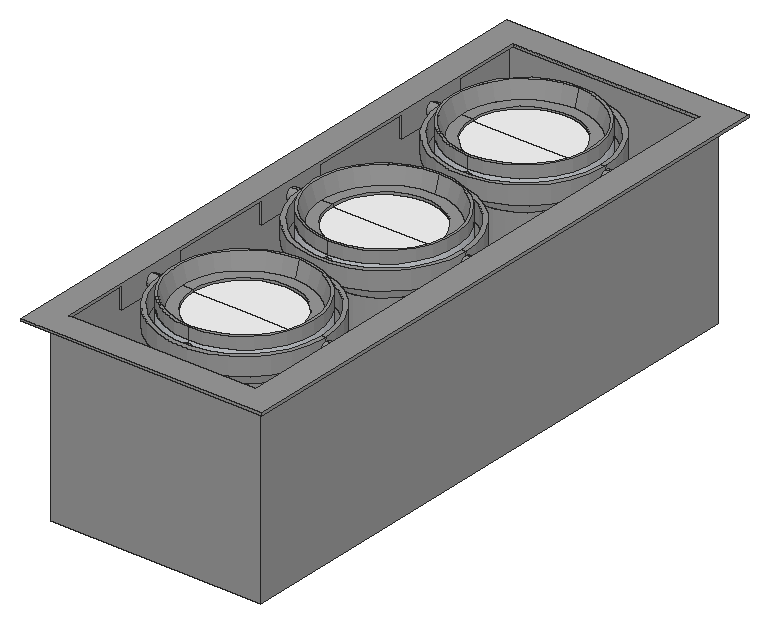
Revit family "0005341", category Lighting Fixtures, host Face, Revit 2017
Family settings
  Host = Face
  Round Connector Dimension = Use Diameter
  Part Type = Normal
  OmniClass Number = 23.80.70.00
  OmniClass Title = Lighting
  Cut with Voids When Loaded = No
  Light Source = No
  Shared = No
  Room Calculation Point = No
Parameters (values of type "0005341+0005334 Ludospot 111 Hous Sqr Rect X3 Cardan WHT + Ludospot 111 3550lm 940 MB")
  WidthTrim_SYL = 505 mm
  WidthCutOut_SYL = 155 mm
  WidthBox_SYL = 170 mm
  Weight = "n/a"
  Wattage Comments = ""
  WarrantyStartDate [instance] = "n/a"
  WarrantyGuarantorParts = "n/a"
  WarrantyDurationUnit = "n/a"
  WarrantyDurationParts = "n/a"
  WarrantyDescription = "n/a"
  Voltage = 230 V
  URL = "http://www.sylvania-lighting.com"
  TypeName = "Ludospot 111 Hous Sqr Rect X3 Cardan WHT + Ludospot 111 3550lm 940 MB"
  TypeLampI_SYL = Ludospot 111 Modules : 0005334 Ludospot 111 3550lm 940 MB
  TypeLampII_SYL = Ludospot 111 Modules : 0005334 Ludospot 111 3550lm 940 MB
  TypeLampIII_SYL = Ludospot 111 Modules : 0005334 Ludospot 111 3550lm 940 MB
  Type Image = <None>
  Type Comments = "n/a"
  TrimHeight_SYL = 2 mm
  SerialNumber [instance] = "n/a"
  RotationOuterRingI_SYL [instance] = 0.00°
  RotationOuterRingII_SYL [instance] = 0.00°
  RotationOuterRingIII_SYL [instance] = 0.00°
  RotationInnerRingI_SYL [instance] = 0.00°
  RotationInnerRingII_SYL [instance] = 0.00°
  RotationInnerRingIII_SYL [instance] = 0.00°
  RecessDepth_SYL = 200 mm
  LengthTrim_SYL = 200 mm
  Material_3_SYL = none
  PowerFactor = 0.9
  PowerConsumption = "38 W"
  NominalLength = 505 mm
  NominalHeight = 0 mm
  NominalDepth = 200 mm
  Name = "Ludospot 111 Hous Sqr Rect X3 Cardan WHT + Ludospot 111 3550lm 940 MB"
  ModelReference = Name  # "Ludospot 111 Hous Sqr Rect X3 Cardan WHT + Ludospot 111 3550lm 940 MB"
  ModelNumber = "0005341+0005334"
  Model = Name  # "Ludospot 111 Hous Sqr Rect X3 Cardan WHT + Ludospot 111 3550lm 940 MB"
  Material = "aluminium housing"
  ManufacturerName = "Feilo Sylvania"
  Manufacturer = "Feilo Sylvania"
  LuminousEfficacy = "n/a"
  LuminaireType = ""
  LightOutputRatio = "n/a"
  LengthCutOut_SYL = 461 mm
  LengthBox_SYL = 470 mm
  LampsType = Lamp  # "LED"
  LampNominalLuminous = "3550 lm"
  LampMacAdamStep = "3"
  LampColourTemperature = "4000 K"
  LampColourRenderingIndex = "90"
  Lamp = "LED"
  Keynote = "16500"
  InstallationDate [instance] = "n/a"
  InputVoltage = "220-240 V AC"
  InputNominalFrequency = "50/60 Hz"
  IngressProtection = "IP20"
  ImpactProtectionIndex = "IK03"
  IfcExportType = "IfcLightFixtureType"
  IfcExportAs = "IfcLightFixtureType"
  HolderLength_SYL = 60 mm
  EndAngleOuterRingI_SYL [instance] = RotationOuterRingI_SYL + 180.00°  # 180.00°
  EndAngleOuterRingII_SYL [instance] = RotationOuterRingII_SYL + 180.00°  # 180.00°
  EndAngleOuterRingIII_SYL [instance] = RotationOuterRingIII_SYL + 180.00°  # 180.00°
  ElectricShockClassification = "Class II"
  DocumentationLiterature = "http://www.sylvania-lighting.com/product/en-int/products/0005341"
  DistanceAxis_SYL = 145 mm
  DimmingControlOptions = "n/a"
  Material_2_SYL = none
  Description = ""
  Default Elevation = 1219.2 mm
  CreatedOn = "7/29/2019"
  CreatedBy = "@sylvania-lighting.com"
  Cost = 0
  built-in parameter 1114216 [instance] = (empty or 0)
  ClassificationValue = "EF_70_80"
  ClassificationName = "Uniclass2015"
  Material_1_SYL = Aluminum
  BarCode [instance] = "n/a"
  AssetType = "Fixed"
  AssetIdentifier [instance] = "n/a"
  Assembly Code = "D5020200"
  Apparent Load = 0 VA
  Material_4_SYL = none
Types (4, lengths in mm): name | TypeName | TypeLampI_SYL | TypeLampII_SYL | TypeLampIII_SYL | PowerConsumption | Name | ModelReference | ModelNumber | Model | LampNominalLuminous | LampColourTemperature
  0005341+0005334 Ludospot 111 Hous Sqr Rect X3 Cardan WHT + Ludospot 111 3550lm 940 MB | "Ludospot 111 Hous Sqr Rect X3 Cardan WHT + Ludospot 111 3550lm 940 MB" | Ludospot 111 Modules : 0005334 Ludospot 111 3550lm 940 MB | Ludospot 111 Modules : 0005334 Ludospot 111 3550lm 940 MB | Ludospot 111 Modules : 0005334 Ludospot 111 3550lm 940 MB | "38 W" | "Ludospot 111 Hous Sqr Rect X3 Cardan WHT + Ludospot 111 3550lm 940 MB" | "Ludospot 111 Hous Sqr Rect X3 Cardan WHT + Ludospot 111 3550lm 940 MB" | "0005341+0005334" | "Ludospot 111 Hous Sqr Rect X3 Cardan WHT + Ludospot 111 3550lm 940 MB" | "3550 lm" | "4000 K"
  0005341+0005333 Ludospot 111 Hous Sqr Rect X3 Cardan WHT + Ludospot 111 3500lm 930 MB | "Ludospot 111 Hous Sqr Rect X3 Cardan WHT + Ludospot 111 3500lm 930 MB" | Ludospot 111 Modules : 0005333 Ludospot 111 3500lm 930 MB | Ludospot 111 Modules : 0005333 Ludospot 111 3500lm 930 MB | Ludospot 111 Modules : 0005333 Ludospot 111 3500lm 930 MB | "38 W" | "Ludospot 111 Hous Sqr Rect X3 Cardan WHT + Ludospot 111 3500lm 930 MB" | "Ludospot 111 Hous Sqr Rect X3 Cardan WHT + Ludospot 111 3500lm 930 MB" | "0005341+0005333" | "Ludospot 111 Hous Sqr Rect X3 Cardan WHT + Ludospot 111 3500lm 930 MB" | "3500 lm" | "3000 K"
  0005341+0005332 Ludospot 111 Hous Sqr Rect X3 Cardan WHT + Ludospot 111 2225lm 940 MB | "Ludospot 111 Hous Sqr Rect X3 Cardan WHT + Ludospot 111 2225lm 940 MB" | Ludospot 111 Modules : 0005332 Ludospot 111 2225lm 940 MB | Ludospot 111 Modules : 0005332 Ludospot 111 2225lm 940 MB | Ludospot 111 Modules : 0005332 Ludospot 111 2225lm 940 MB | "24 W" | "Ludospot 111 Hous Sqr Rect X3 Cardan WHT + Ludospot 111 2225lm 940 MB" | "Ludospot 111 Hous Sqr Rect X3 Cardan WHT + Ludospot 111 2225lm 940 MB" | "0005341+0005332" | "Ludospot 111 Hous Sqr Rect X3 Cardan WHT + Ludospot 111 2225lm 940 MB" | "2225 lm" | "4000 K"
  0005341+0005331 Ludospot 111 Hous Sqr Rect X3 Cardan WHT + Ludospot 111 2025lm 930 MB | "Ludospot 111 Hous Sqr Rect X3 Cardan WHT + Ludospot 111 2025lm 930 MB" | Ludospot 111 Modules : 0005331 Ludospot 111 2025lm 930 MB | Ludospot 111 Modules : 0005331 Ludospot 111 2025lm 930 MB | Ludospot 111 Modules : 0005331 Ludospot 111 2025lm 930 MB | "24 W" | "Ludospot 111 Hous Sqr Rect X3 Cardan WHT + Ludospot 111 2025lm 930 MB" | "Ludospot 111 Hous Sqr Rect X3 Cardan WHT + Ludospot 111 2025lm 930 MB" | "0005341+0005331" | "Ludospot 111 Hous Sqr Rect X3 Cardan WHT + Ludospot 111 2025lm 930 MB" | "2025 lm" | "3000 K"
Reference planes
  plane 1 "Center (Front/Back)": y = 0
  plane 2: z = 0
  plane 3 "Center (Left/Right)": x = 0
  plane 4: z = -200
  plane 5: x = -100
  plane 6: z = 2
  plane 7: x = 100
  plane 8: y = 252.5
  plane 9: y = -252.5
  plane 10: x = -85
  plane 11: x = 85
  plane 12: y = 235
  plane 13: y = -235
  plane 14: y = -115
  plane 15: y = -175
  plane 16: x = 77.5
  plane 17: x = -77.5
  plane 18: y = 230.5
  plane 19: y = -230.5
  plane 20: z = -151
  plane 21: z = -149
  plane 22: x = -79.5
  plane 23: x = 79.5
  plane 24: z = -18
  plane 25: z = -8
  plane 26: y = -145
  plane 27: y = 175
  plane 28: y = 115
  plane 29: y = 145
  plane 30: y = 30
  plane 31: y = -30
Forms (mm)
  Extrusion 1, solid, material "Aluminum" <- "Material_1_SYL"
    sketch origin (0, 0, 0) x (1, 0, 0) y (0, 1, 0)
      loop
        line (-100, 252.5) -> (-100, -252.5) -> (100, -252.5) -> (100, 252.5) -> (-100, 252.5)
    from 0 to 2
  Extrusion 2, void
    sketch origin (0, 0, 0) x (1, 0, 0) y (0, 1, 0)
      loop
        line (-87, 237) -> (-87, -237) -> (87, -237) -> (87, 237) -> (-87, 237)
    from 0 to -200
  Extrusion 3, void
    sketch origin (0, 0, 0) x (1, 0, 0) y (0, 1, 0)
      loop
        line (-77.5, 230.5) -> (-77.5, -230.5) -> (77.5, -230.5) -> (77.5, 230.5) -> (-77.5, 230.5)
    from 0 to 2
  Extrusion 4, solid, material "Aluminum" <- "Material_1_SYL"
    sketch origin (0, 0, 0) x (1, 0, 0) y (0, 1, 0)
      loop
        line (-85, 235) -> (-85, -235) -> (85, -235) -> (85, 235) -> (-85, 235)
      loop
        line (-87, 237) -> (-87, -237) -> (87, -237) -> (87, 237) -> (-87, 237)
    from 0 to -151
  Extrusion 5, solid, material "Aluminum" <- "Material_1_SYL"
    sketch origin (178.584, -4572, -151) x (0, -1, 0) y (-1, 0, 0)
      loop
        line (-4807, 263.584) -> (-4807, 93.584) -> (-4337, 93.584) -> (-4337, 263.584) -> (-4807, 263.584)
    from 0 to -2
  Extrusion 6, solid, material "Aluminum" <- "Material_1_SYL"
    sketch origin (0, 0, 0) x (1, 0, 0) y (0, 1, 0)
      loop
        line (-77.5, -115) -> (-79.5, -115) -> (-79.5, -175) -> (-77.5, -175) -> (-77.5, -115)
      loop
        line (77.5, -115) -> (77.5, -175) -> (79.5, -175) -> (79.5, -115) -> (77.5, -115)
      loop
        line (-79.5, 115) -> (-77.5, 115) -> (-77.5, 175) -> (-79.5, 175) -> (-79.5, 115)
      loop
        line (79.5, 115) -> (79.5, 175) -> (77.5, 175) -> (77.5, 115) -> (79.5, 115)
      loop
        line (-79.5, 30) -> (-79.5, -30) -> (-77.5, -30) -> (-77.5, 30) -> (-79.5, 30)
      loop
        line (79.5, 30) -> (77.5, 30) -> (77.5, -30) -> (79.5, -30) -> (79.5, 30)
    from 0 to -18
  Revolve 7, solid, not visible
    sketch origin (178.584, -4572, -8) x (0, -1, 0) y (1, 0, 0)
      loop
        line (-4427, -178.584) -> (-4437, -178.584) -> (-4437, -203.584) -> (-4427, -203.584) -> (-4427, -178.584)
      axis (-4427, -178.584) -> (-4427, -203.584)
    angle from 0 <- "RotationOuterRingI_SYL" to 180 <- "EndAngleOuterRingI_SYL"
  Revolve 8, solid, not visible
    sketch origin (178.584, -4572, -8) x (0, -1, 0) y (1, 0, 0)
      loop
        line (-4717, -178.584) -> (-4727, -178.584) -> (-4727, -203.584) -> (-4717, -203.584) -> (-4717, -178.584)
      axis (-4717, -178.584) -> (-4717, -203.584)
    angle from 0 <- "RotationOuterRingII_SYL" to 180 <- "EndAngleOuterRingII_SYL"
  Revolve 9, solid, not visible
    sketch origin (178.584, -4572, -8) x (0, -1, 0) y (1, 0, 0)
      loop
        line (-4572, -178.584) -> (-4582, -178.584) -> (-4582, -203.584) -> (-4572, -203.584) -> (-4572, -178.584)
      axis (-4572, -178.584) -> (-4572, -203.584)
    angle from 0 <- "RotationOuterRingIII_SYL" to 180 <- "EndAngleOuterRingIII_SYL"
Cuts and joins
  Extrusion 2, Extrusion 3 cuts Extrusion 1
  joined: Extrusion 1, Extrusion 6
  joined: Extrusion 4, Extrusion 5
Dimensions and locks
  equal spacing: host sketch curve, plane 1 "Center (Front/Back)", host sketch curve
  equal spacing: host sketch curve, plane 3 "Center (Left/Right)", host sketch curve
  "RecessDepth_SYL": plane 2 to plane 4
  "TrimHeight_SYL": plane 6 to plane 2
  equal spacing: plane 5, plane 3 "Center (Left/Right)", plane 7
  "LengthTrim_SYL": plane 5 to plane 7
  equal spacing: plane 9, plane 1 "Center (Front/Back)", plane 8
  "WidthTrim_SYL": plane 9 to plane 8
  equal spacing: plane 10, plane 3 "Center (Left/Right)", plane 11
  "WidthBox_SYL": plane 10 to plane 11
  equal spacing: plane 13, plane 1 "Center (Front/Back)", plane 12
  "LengthBox_SYL": plane 13 to plane 12
  equal spacing: plane 17, plane 3 "Center (Left/Right)", plane 16
  "WidthCutOut_SYL": plane 17 to plane 16
  equal spacing: plane 19, plane 1 "Center (Front/Back)", plane 18
  "LengthCutOut_SYL": plane 19 to plane 18
  locked: plane 2 to plane 20 at 151
  Extrusion 5 sketch curve to Extrusion 5 sketch curve to plane 7 = 170 mm, 15 mm
  locked: plane 21 to plane 20 at 2
  equal spacing: plane 22, plane 3 "Center (Left/Right)", plane 23
  locked: plane 22 to plane 17 at 2
  locked: plane 6 to plane 24 at 20
  equal spacing: plane 6, plane 25, plane 24
  equal spacing: plane 15, plane 26, plane 14
  "HolderLength_SYL": plane 15 to plane 14
  equal spacing: plane 28, plane 29, plane 27
  "HolderLength_SYL": plane 28 to plane 27
  equal spacing: plane 31, plane 1 "Center (Front/Back)", plane 30
  "HolderLength_SYL": plane 31 to plane 30
  "DistanceAxis_SYL": plane 26 to plane 1 "Center (Front/Back)" to plane 29
  aligned and locked: plane 2 to host face
  aligned and locked: level to host face
  aligned and locked: plane 8 to Extrusion 1 sketch curve
  aligned and locked: plane 5 to Extrusion 1 sketch curve
  aligned and locked: Extrusion 1 sketch curve to plane 9
  aligned and locked: Extrusion 1 sketch curve to plane 7
  aligned and locked: Extrusion 1 to plane 6
  aligned and locked: Extrusion 1 to level
  aligned and locked: plane 4 to Extrusion 2
  aligned and locked: level to Extrusion 2
  aligned and locked: plane 18 to Extrusion 3 sketch curve
  aligned and locked: plane 17 to Extrusion 3 sketch curve
  aligned and locked: Extrusion 3 sketch curve to plane 19
  aligned and locked: Extrusion 3 sketch curve to plane 16
  aligned and locked: Extrusion 3 to plane 6
  aligned and locked: Extrusion 3 to level
  aligned and locked: level to Extrusion 4
  aligned and locked: plane 12 to Extrusion 4 sketch curve
  aligned and locked: plane 10 to Extrusion 4 sketch curve
  aligned and locked: Extrusion 4 sketch curve to plane 13
  aligned and locked: Extrusion 4 sketch curve to plane 11
  aligned and locked: plane 20 to Extrusion 4
  aligned and locked: plane 2 to Extrusion 4
  aligned and locked: plane 12 to Extrusion 5 sketch curve
  aligned and locked: Extrusion 5 sketch curve to plane 13
  aligned and locked: Extrusion 5 to plane 21
  aligned and locked: Extrusion 4 to Extrusion 5
  aligned and locked: Extrusion 6 sketch curve to plane 14
  aligned and locked: plane 17 to Extrusion 6 sketch curve  (x2)
  aligned and locked: plane 15 to Extrusion 6 sketch curve
  aligned and locked: Extrusion 6 sketch curve to plane 22  (x2)
  aligned and locked: plane 14 to Extrusion 6 sketch curve
  aligned and locked: plane 16 to Extrusion 6 sketch curve  (x2)
  aligned and locked: Extrusion 6 sketch curve to plane 15
  aligned and locked: Extrusion 6 sketch curve to plane 23  (x2)
  aligned and locked: plane 24 to Extrusion 6
  aligned and locked: level to Extrusion 6
  aligned and locked: plane 3 "Center (Left/Right)" to Revolve 7 sketch curve
  aligned and locked: Revolve 7 sketch curve to plane 26
  aligned and locked: Revolve 7 sketch curve to Revolve 7 sketch curve
  aligned and locked: plane 28 to Extrusion 6 sketch curve
  aligned and locked: Extrusion 6 sketch curve to plane 27
  aligned and locked: Extrusion 6 sketch curve to plane 28
  aligned and locked: plane 27 to Extrusion 6 sketch curve
  aligned and locked: Revolve 8 sketch curve to plane 29
  aligned and locked: plane 30 to Extrusion 6 sketch curve
  aligned and locked: plane 22 to Extrusion 6 sketch curve
  aligned and locked: Extrusion 6 sketch curve to plane 31
  aligned and locked: Extrusion 6 sketch curve to plane 17
  aligned and locked: Extrusion 6 sketch curve to plane 30
  aligned and locked: plane 23 to Extrusion 6 sketch curve
  aligned and locked: plane 31 to Extrusion 6 sketch curve
  aligned and locked: Extrusion 6 sketch curve to plane 16
  aligned and locked: plane 1 "Center (Front/Back)" to Revolve 9 sketch curve
  aligned and locked: plane 3 "Center (Left/Right)" to Revolve 9 sketch curve
  aligned and locked: Revolve 9 sketch curve to plane 1 "Center (Front/Back)"
Automatic sketch dimensions
  Extrusion 4 sketch curve to plane 10 = 2 mm
  plane 11 to Extrusion 4 sketch curve = 2 mm
  plane 13 to Extrusion 4 sketch curve = 2 mm
  Extrusion 4 sketch curve to plane 12 = 2 mm
  Revolve 7 sketch curve to plane 26 = 10 mm
  Revolve 7 sketch curve to plane 3 "Center (Left/Right)" = 25 mm
  Revolve 7 sketch curve to plane 5 = 1424 mm
  plane 7 to Revolve 7 sketch curve = 1424 mm
  Revolve 8 sketch curve to plane 3 "Center (Left/Right)" = 0 mm
  plane 29 to Revolve 8 sketch curve = 0 mm
  Revolve 8 sketch curve to Revolve 8 sketch curve = 10 mm
  Revolve 8 sketch curve to Revolve 8 sketch curve = 25 mm
  Revolve 8 sketch curve to plane 5 = 1424 mm
  plane 7 to Revolve 8 sketch curve = 1424 mm
  Extrusion 2 sketch curve to plane 10 = 2 mm
  plane 11 to Extrusion 2 sketch curve = 2 mm
  plane 13 to Extrusion 2 sketch curve = 2 mm
  Extrusion 2 sketch curve to plane 12 = 2 mm
  Revolve 9 sketch curve to plane 1 "Center (Front/Back)" = 10 mm
  Revolve 9 sketch curve to plane 3 "Center (Left/Right)" = 25 mm
  Revolve 9 sketch curve to plane 5 = 1424 mm
  plane 7 to Revolve 9 sketch curve = 1424 mm
Nested families
  nested 1: "0005341_outer_ring" at (0, -145, -8) x (-1, 0, 0) z (0, 0, 1), RotationInnerRing_SYL <- "RotationInnerRingI_SYL", type "Type 1"
    with WarrantyStartDate "n/a", SerialNumber "n/a", RotationInnerRing_SYL 0.00°, InstallationDate "n/a", EndAngleInnerRing_SYL 180.00°, built-in parameter 1114216 (empty or 0), BarCode "n/a", AssetIdentifier "n/a"
  nested 2: "0005341_outer_ring" at (0, 0, -8) x (-1, 0, 0) z (0, 0, 1), RotationInnerRing_SYL <- "RotationInnerRingIII_SYL", type "Type 1"
    with WarrantyStartDate "n/a", SerialNumber "n/a", RotationInnerRing_SYL 0.00°, InstallationDate "n/a", EndAngleInnerRing_SYL 180.00°, built-in parameter 1114216 (empty or 0), BarCode "n/a", AssetIdentifier "n/a"
  nested 3: "0005341_outer_ring" at (0, 145, -8) x (-1, 0, 0) z (0, 0, 1), RotationInnerRing_SYL <- "RotationInnerRingII_SYL", type "Type 1"
    with WarrantyStartDate "n/a", SerialNumber "n/a", RotationInnerRing_SYL 0.00°, InstallationDate "n/a", EndAngleInnerRing_SYL 180.00°, built-in parameter 1114216 (empty or 0), BarCode "n/a", AssetIdentifier "n/a"
  nested 4: "0005341_inner_ring" at (0, -145, -8) x (0, -1, 0) z (0, 0, -1), type "Type 1"
    with WarrantyStartDate "n/a", SerialNumber "n/a", InstallationDate "n/a", built-in parameter 1114216 (empty or 0), BarCode "n/a", AssetIdentifier "n/a"
  nested 5: "0005341_inner_ring" at (0, 0, -8) x (0, 1, 0) z (0, 0, -1), type "Type 1"
    with WarrantyStartDate "n/a", SerialNumber "n/a", InstallationDate "n/a", built-in parameter 1114216 (empty or 0), BarCode "n/a", AssetIdentifier "n/a"
  nested 6: "0005341_inner_ring" at (0, 145, -8) x (0, 1, 0) z (0, 0, -1), type "Type 1"
    with WarrantyStartDate "n/a", SerialNumber "n/a", InstallationDate "n/a", built-in parameter 1114216 (empty or 0), BarCode "n/a", AssetIdentifier "n/a"
  nested 7: "Ludospot 111 Modules" at (0, 145, -3.75), type <- "TypeLampII_SYL", type "0005334 Ludospot 111 3550lm 940 MB"
    with WarrantyStartDate "n/a", SerialNumber "n/a", InstallationDate "n/a", built-in parameter 1114216 (empty or 0), BarCode "n/a", AssetIdentifier "n/a"
  nested 8: "Ludospot 111 Modules" at (0, 0, -3.75), type <- "TypeLampIII_SYL", type "0005334 Ludospot 111 3550lm 940 MB"
    with WarrantyStartDate "n/a", SerialNumber "n/a", InstallationDate "n/a", built-in parameter 1114216 (empty or 0), BarCode "n/a", AssetIdentifier "n/a"
  nested 9: "Ludospot 111 Modules" at (0, -145, -3.75) x (-1, 0, 0) z (0, 0, 1), type <- "TypeLampI_SYL", type "0005334 Ludospot 111 3550lm 940 MB"
    with WarrantyStartDate "n/a", SerialNumber "n/a", InstallationDate "n/a", built-in parameter 1114216 (empty or 0), BarCode "n/a", AssetIdentifier "n/a"
Definition of nested family "0005341_outer_ring"
  Parameters (values of type "Type 1")
    Wattage Comments = ""
    WarrantyStartDate [instance] = "n/a"
    WarrantyGuarantorParts = "n/a"
    WarrantyDurationUnit = "n/a"
    WarrantyDurationParts = "n/a"
    WarrantyDescription = "n/a"
    URL = "http://www.sylvania-lighting.com"
    TypeName = ""
    Type Image = (empty or 0)
    Type Comments = "n/a"
    SerialNumber [instance] = "n/a"
    RotationInnerRing_SYL [instance] = 0.00°
    Material_3_SYL = none
    NominalLength = 110 mm
    NominalHeight = 0 mm
    NominalDepth = 110 mm
    Name = ""
    ModelReference = Name  # ""
    ModelNumber = ""
    Model = Name  # ""
    Material = ""
    ManufacturerName = "Feilo Sylvania"
    Manufacturer = "Feilo Sylvania"
    Lamp = "LED"
    Keynote = "16500"
    InstallationDate [instance] = "n/a"
    IfcExportType = "IfcLightFixtureType"
    IfcExportAs = "IfcLightFixtureType"
    EndAngleInnerRing_SYL [instance] = RotationInnerRing_SYL + 180.00°  # 180.00°
    DocumentationLiterature = ""
    Material_2_SYL = none
    Description = ""
    Default Elevation = 1219.2 mm
    CreatedOn = "7/29/2019"
    CreatedBy = "@sylvania-lighting.com"
    Cost = 0
    built-in parameter 1114216 [instance] = (empty or 0)
    ClassificationValue = "EF_70_80"
    ClassificationName = "Uniclass2015"
    Material_1_SYL = none
    BarCode [instance] = "n/a"
    AssetType = "Fixed"
    AssetIdentifier [instance] = "n/a"
    Assembly Code = "D5020200"
    Apparent Load = 0 VA
    Material_4_SYL = none
  Reference planes
    plane 1 "Center (Front/Back)": y = 0
    plane 2: z = 0
    plane 3 "Center (Left/Right)": x = 0
    plane 4: x = -64
    plane 5: x = -67.5
    plane 6: z = 7.5
    plane 7: z = -7.5
    plane 8: z = 5
    plane 9: z = -5
    plane 10: x = -77.5
    plane 11: x = 67.5
    plane 12: x = 77.5
    plane 13: x = -10
    plane 14: y = 10
  Forms (mm)
    Extrusion 1, solid
      sketch origin (4.2, 0, 0) x (1, 0, 0) y (0, 1, 0)
        loop
          line (-44.2, 40) -> (-44.2, -40) -> (35.8, -40) -> (35.8, 40) -> (-44.2, 40)
      from 0 to -68.017
    Revolve 2, solid, material <- "Material_1_SYL"
      sketch origin (0, 0, 0) x (1, 0, 0) y (0, 0, 1)
        loop
          line (-67.5, 7.5) -> (-67.5, -7.5) -> (-64, -7.5) -> (-64, 7.5) -> (-67.5, 7.5)
        axis (0, 7.5) -> (0, -7.5)
      angle from 360 to 0
    Revolve 3, solid, material <- "Material_1_SYL"
      sketch origin (0, 0, 0) x (1, 0, 0) y (0, 0, 1)
        loop
          line (-67.5, 0) -> (-67.5, 5) -> (-77.5, 5) -> (-77.5, 0) -> (-67.5, 0)
        loop
          line (77.5, 0) -> (77.5, 5) -> (67.5, 5) -> (67.5, 0) -> (77.5, 0)
        axis (-77.5, 0) -> (77.5, 0)
      angle from 360 to 0
    Revolve 4, solid
      sketch origin (0, 0, 0) x (1, 0, 0) y (0, 1, 0)
        loop
          line (0, 10) -> (-10, 10) -> (-10, 0) -> (0, 0) -> (0, 10)
        axis (0, 10) -> (0, 0)
      angle from 0 <- "RotationInnerRing_SYL" to 180 <- "EndAngleInnerRing_SYL"
  Dimensions and locks
    equal spacing: Extrusion 1 sketch curve, plane 1 "Center (Front/Back)", Extrusion 1 sketch curve
    equal spacing: Extrusion 1 sketch curve, plane 3 "Center (Left/Right)", Extrusion 1 sketch curve
    locked: plane 3 "Center (Left/Right)" to plane 4 at 64
    equal spacing: plane 6, plane 2, plane 7
    locked: plane 6 to plane 7 at 15
    equal spacing: plane 8, plane 2, plane 9
    locked: plane 8 to plane 9 at 10
    equal spacing: plane 11, plane 3 "Center (Left/Right)", plane 5
    locked: plane 11 to plane 5 at 135
    equal spacing: plane 12, plane 3 "Center (Left/Right)", plane 10
    locked: plane 5 to plane 10 at 10
    locked: plane 1 "Center (Front/Back)" to plane 14 at 10
    locked: plane 13 to plane 3 "Center (Left/Right)" at 10
    aligned and locked: plane 2 to Extrusion 1
    aligned and locked: level to Extrusion 1
    aligned and locked: Revolve 2 sketch curve to plane 3 "Center (Left/Right)"
    aligned and locked: plane 5 to Revolve 2 sketch curve
    aligned and locked: Revolve 2 sketch curve to plane 6
    aligned and locked: plane 7 to Revolve 2 sketch curve
    aligned and locked: Revolve 2 sketch curve to plane 4
    aligned and locked: level to Revolve 3 sketch curve  (x2)
    aligned and locked: Revolve 3 sketch curve to plane 5
    aligned and locked: Revolve 3 sketch curve to plane 8  (x2)
    aligned and locked: plane 10 to Revolve 3 sketch curve
    aligned and locked: Revolve 3 sketch curve to plane 2
    aligned and locked: Revolve 3 sketch curve to plane 12
    aligned and locked: plane 11 to Revolve 3 sketch curve
    aligned and locked: plane 14 to Revolve 4 sketch curve
    aligned and locked: Revolve 4 sketch curve to plane 3 "Center (Left/Right)"  (x2)
    aligned and locked: Revolve 4 sketch curve to plane 1 "Center (Front/Back)"
    aligned and locked: plane 13 to Revolve 4 sketch curve
  Automatic sketch dimensions
    Revolve 2 sketch curve to plane 7 = 602.1 mm
    plane 6 to Revolve 2 sketch curve = 2601.558 mm
    Revolve 3 sketch curve to plane 10 = 1446.5 mm
    plane 12 to Revolve 3 sketch curve = 1582.273 mm
    Revolve 4 sketch curve to Revolve 4 sketch curve = 1524 mm
    Revolve 4 sketch curve to plane 14 = 1514 mm
Definition of nested family "0005341_inner_ring"
  Parameters (values of type "Type 1")
    h = 14.5 mm
    Wattage Comments = ""
    WarrantyStartDate [instance] = "n/a"
    WarrantyGuarantorParts = "n/a"
    WarrantyDurationUnit = "n/a"
    WarrantyDurationParts = "n/a"
    WarrantyDescription = "n/a"
    URL = "http://www.sylvania-lighting.com"
    TypeName = ""
    Type Image = (empty or 0)
    Type Comments = "n/a"
    SerialNumber [instance] = "n/a"
    Material_3_SYL = none
    NominalLength = 110 mm
    NominalHeight = 0 mm
    NominalDepth = 110 mm
    Name = ""
    ModelReference = Name  # ""
    ModelNumber = ""
    Model = Name  # ""
    Material = ""
    ManufacturerName = "Feilo Sylvania"
    Manufacturer = "Feilo Sylvania"
    Lamp = "LED"
    Keynote = "16500"
    InstallationDate [instance] = "n/a"
    IfcExportType = "IfcLightFixtureType"
    IfcExportAs = "IfcLightFixtureType"
    DocumentationLiterature = ""
    Material_2_SYL = none
    Description = ""
    Default Elevation = 1219.2 mm
    CreatedOn = "7/29/2019"
    CreatedBy = "@sylvania-lighting.com"
    Cost = 0
    built-in parameter 1114216 [instance] = (empty or 0)
    ClassificationValue = "EF_70_80"
    ClassificationName = "Uniclass2015"
    Material_1_SYL = none
    BarCode [instance] = "n/a"
    AssetType = "Fixed"
    AssetIdentifier [instance] = "n/a"
    Assembly Code = "D5020200"
    Apparent Load = 0 VA
    Material_4_SYL = none
    21 = 116.5 mm
  Reference planes
    plane 1 "Center (Front/Back)": y = 0
    plane 2: z = 0
    plane 3 "Center (Left/Right)": x = 0
    plane 4: x = -64
    plane 5: x = -58.25
    plane 6: z = 7.25
    plane 7: z = -7.25
    plane 8: z = 5
    plane 9: z = -5
    plane 10: x = 58.25
    plane 11: x = 64
    plane 12: x = -10
    plane 13: y = 10
    plane 14: x = -56.25
    plane 15: z = -17.25
    plane 16: x = -52.05
    plane 17: z = -4.25
    plane 18: x = -53.05
    plane 19: z = 5.25
  Forms (mm)
    Extrusion 1, solid
      sketch origin (4.2, 0, 0) x (1, 0, 0) y (0, 1, 0)
        loop
          line (-44.2, 40) -> (-44.2, -40) -> (35.8, -40) -> (35.8, 40) -> (-44.2, 40)
      from 0 to -68.017
    Revolve 2, solid, material <- "Material_1_SYL"
      sketch origin (0, 0, 0) x (1, 0, 0) y (0, 0, 1)
        loop
          line (-58.25, 0) -> (-58.25, 5) -> (-64, 5) -> (-64, 0) -> (-58.25, 0)
        loop
          line (64, 0) -> (64, 5) -> (58.25, 5) -> (58.25, 0) -> (64, 0)
        axis (-64, 0) -> (64, 0)
      angle from 360 to 0
    Revolve 3, solid
      sketch origin (0, 0, 0) x (1, 0, 0) y (0, 0, 1)
        loop
          line (-58.25, -7.25) -> (-56.25, -7.25) -> (-56.25, 5.25) -> (-53.05, 5.25) -> (-53.05, 7.25) -> (-58.25, 7.25) -> (-58.25, -7.25)
        axis (0, 7.25) -> (0, -7.25)
      angle from 360 to 0
    Revolve 4, solid, material <- "Material_1_SYL"
      sketch origin (0, 0, 0) x (1, 0, 0) y (0, 0, 1)
        loop
          line (-52.05, -4.25) -> (-56.25, -4.25) -> (-56.25, -7.25) -> (-58.25, -7.25) -> (-58.25, -17.25) -> (-56.25, -17.25) -> (-52.05, -4.25)
        axis (0, -4.25) -> (0, -17.25)
      angle from 360 to 0
  Dimensions and locks
    equal spacing: Extrusion 1 sketch curve, plane 1 "Center (Front/Back)", Extrusion 1 sketch curve
    equal spacing: Extrusion 1 sketch curve, plane 3 "Center (Left/Right)", Extrusion 1 sketch curve
    equal spacing: plane 6, plane 2, plane 7
    "h": plane 6 to plane 7
    equal spacing: plane 8, plane 2, plane 9
    locked: plane 8 to plane 9 at 10
    equal spacing: plane 10, plane 3 "Center (Left/Right)", plane 5
    "21": plane 10 to plane 5
    locked: plane 1 "Center (Front/Back)" to plane 13 at 10
    locked: plane 12 to plane 3 "Center (Left/Right)" at 10
    locked: plane 14 to plane 5 at 2
    locked: plane 18 to plane 5 at 5.2
    locked: plane 6 to plane 19 at 2
    plane 11 to plane 3 "Center (Left/Right)" to plane 4 = 64 mm locked, 64 mm locked
    aligned and locked: plane 2 to Extrusion 1
    aligned and locked: level to Extrusion 1
    aligned and locked: level to Revolve 2 sketch curve  (x2)
    aligned and locked: Revolve 2 sketch curve to plane 5
    aligned and locked: Revolve 2 sketch curve to plane 8  (x2)
    aligned and locked: Revolve 2 sketch curve to plane 2
    aligned and locked: Revolve 2 sketch curve to plane 11
    aligned and locked: plane 10 to Revolve 2 sketch curve
    aligned and locked: plane 4 to Revolve 2 sketch curve
    aligned and locked: plane 5 to Revolve 3 sketch curve
    aligned and locked: plane 7 to Revolve 3 sketch curve
    aligned and locked: Revolve 3 sketch curve to plane 14
    aligned and locked: plane 16 to Revolve 4 sketch curve
    aligned and locked: plane 17 to Revolve 4 sketch curve
    aligned and locked: Revolve 4 sketch curve to plane 14
    aligned and locked: Revolve 4 sketch curve to Revolve 3  (x2)
    aligned and locked: Revolve 4 sketch curve to plane 15
    aligned and locked: Revolve 4 sketch curve to plane 3 "Center (Left/Right)"
    aligned and locked: Revolve 3 sketch curve to plane 18
    aligned and locked: plane 19 to Revolve 3 sketch curve
    aligned and locked: Revolve 3 sketch curve to plane 6
  Automatic sketch dimensions
    Revolve 2 sketch curve to plane 4 = 1450.75 mm
    Revolve 2 sketch curve to Revolve 2 sketch curve = 1582.273 mm
    Revolve 4 sketch curve to plane 14 = 0 mm
    Revolve 4 sketch curve to plane 15 = 592.35 mm
    plane 6 to Revolve 4 sketch curve = 2601.808 mm
    Revolve 3 sketch curve to plane 3 "Center (Left/Right)" = 0 mm
    Revolve 3 sketch curve to plane 15 = 592.35 mm
    plane 6 to Revolve 3 sketch curve = 2601.808 mm
Definition of nested family "Ludospot 111 Modules"
  Parameters (values of type "0005331 Ludospot 111 2025lm 930 MB")
    Weight = "n/a"
    Wattage Comments = ""
    Wattage = 24 W
    WarrantyStartDate [instance] = "n/a"
    WarrantyGuarantorParts = "n/a"
    WarrantyDurationUnit = "n/a"
    WarrantyDurationParts = "n/a"
    WarrantyDescription = "n/a"
    built-in parameter 1150110 = 1 (stored number, unit not read)
    Voltage = 230 V
    URL = "http://www.sylvania-lighting.com"
    TypeName = "Ludospot 111 2025lm 930 MB"
    Type Image = (empty or 0)
    Type Comments = "n/a"
    built-in parameter 1114217 = 1 (stored number, unit not read)
    Tilt Angle = -90.00°
    built-in parameter 1150109 = 1 (stored number, unit not read)
    built-in parameter 1150134 = (empty or 0)
    built-in parameter 1150113 = 1 (stored number, unit not read)
    SlopeHeight_SYL = if(S_SYL, 30 mm, 20 mm)  # 30 mm
    SerialNumber [instance] = "n/a"
    S_SYL = yes
    RingHeight_SYL = if(S_SYL, 2.6 mm, 3.6 mm)  # 2.6 mm
    Radius_SYL = 55.5 mm
    RadiusDiff_SYL = 42.8 mm
    Radius4_SYL = if(S_SYL, 52 mm, 47.4 mm)  # 52 mm
    Radius3_SYL = 53.8 mm
    Radius2_SYL = 52.4 mm
    Photometric Web File = "0005331.ies"
    Material_3_SYL = none
    PowerFactor = 0.9
    PowerConsumption = "24 W"
    NominalLength = 111 mm
    NominalHeight = 43 mm
    NominalDepth = 111 mm
    Name = "Ludospot 111 2025lm 930 MB"
    ModelReference = Name  # "Ludospot 111 2025lm 930 MB"
    ModelNumber = "0005331"
    Model = Name  # "Ludospot 111 2025lm 930 MB"
    Material = "aluminium housing"
    ManufacturerName = "Feilo Sylvania"
    Manufacturer = "Feilo Sylvania"
    LuminousEfficacy = "84 lm/W"
    built-in parameter 1150105 = 160.43 (stored number, unit not read)
    Lumens = 2016 lm
    LuminaireType = ""
    built-in parameter 1150115 = 1 (stored number, unit not read)
    LightOutputRatio = "n/a"
    built-in parameter 1150137 = (empty or 0)
    built-in parameter 1150139 = (empty or 0)
    LampsType = Lamp  # "LED"
    LampNominalLuminous = "2025 lm"
    LampMacAdamStep = "3"
    LampColourTemperature = "3000 K"
    LampColourRenderingIndex = "90"
    built-in parameter 1150112 = 1 (stored number, unit not read)
    built-in parameter 1150114 = 1 (stored number, unit not read)
    Lamp = "LED"
    Keynote = "16500"
    InstallationDate [instance] = "n/a"
    InputVoltage = "220-240 V AC"
    InputNominalFrequency = "50/60 Hz"
    built-in parameter 1150132 = (empty or 0)
    built-in parameter 1150102 = (empty or 0)
    built-in parameter 1150107 = 3000 (stored number, unit not read)
    built-in parameter 1150138 = (empty or 0)
    IngressProtection = "IP20"
    ImpactProtectionIndex = "IK03"
    built-in parameter 1150106 = 1.6043 (stored number, unit not read)
    IfcExportType = "IfcLightFixtureType"
    IfcExportAs = "IfcLightFixtureType"
    Height_SYL = if(S_SYL, 42.6 mm, 82.5 mm)  # 42.6 mm
    Emit from Circle Diameter = RadiusDiff_SYL * 2  # 85.6 mm
    Emit Shape Visible in Rendering = no
    ElectricShockClassification = "Class II"
    built-in parameter 1150104 = 7.8039 (stored number, unit not read)
    DocumentationLiterature = "http://www.sylvania-lighting.com/product/en-int/products/0005331"
    DimmingControlOptions = "n/a"
    Material_2_SYL = none
    Dimming Lamp Color Temperature Shift = (empty or 0)
    Description = ""
    Default Elevation = 1219.2 mm
    CreatedOn = "7/29/2019"
    CreatedBy = "@sylvania-lighting.com"
    Cost = 0
    Color Filter = 16777215
    built-in parameter 1114216 [instance] = (empty or 0)
    ClassificationValue = "EF_70_80"
    ClassificationName = "Uniclass2015"
    Material_1_SYL = none
    BarCode [instance] = "n/a"
    built-in parameter 1114218 = 1 (stored number, unit not read)
    built-in parameter 1150133 = 10 (stored number, unit not read)
    AssetType = "Fixed"
    AssetIdentifier [instance] = "n/a"
    Assembly Code = "D5020200"
    Apparent Load = 24 VA
    Material_4_SYL = none
  Types (4, lengths in mm): name | Wattage | TypeName | built-in parameter 1150134 | SlopeHeight_SYL | S_SYL | RingHeight_SYL | Radius4_SYL | Photometric Web File | PowerConsumption | NominalHeight | Name | ModelReference | ModelNumber | Model | LuminousEfficacy | built-in parameter 1150105 | Lumens | LampNominalLuminous | LampColourTemperature | built-in parameter 1150107 | built-in parameter 1150106 | Height_SYL | built-in parameter 1150104 | DocumentationLiterature | Apparent Load
    0005334 Ludospot 111 3550lm 940 MB | 38 W | "Ludospot 111 3550lm 940 MB" | 12 | 20 | no | 3.6 | 47.4 | "0005334.ies" | "38 W" | 80 | "Ludospot 111 3550lm 940 MB" | "Ludospot 111 3550lm 940 MB" | "0005334" | "Ludospot 111 3550lm 940 MB" | "93 lm/W" | 281.23 (stored number, unit not read) | 3534 lm | "3550 lm" | "4000 K" | 4000 (stored number, unit not read) | 2.8123 (stored number, unit not read) | 82.5 | 8.64 (stored number, unit not read) | "http://www.sylvania-lighting.com/product/en-int/products/0005334" | 38 VA
    0005333 Ludospot 111 3500lm 930 MB | 38 W | "Ludospot 111 3500lm 930 MB" | (empty or 0) | 20 | no | 3.6 | 47.4 | "0005333.ies" | "38 W" | 80 | "Ludospot 111 3500lm 930 MB" | "Ludospot 111 3500lm 930 MB" | "0005333" | "Ludospot 111 3500lm 930 MB" | "92 lm/W" | 278.2 (stored number, unit not read) | 3496 lm | "3500 lm" | "3000 K" | 3000 (stored number, unit not read) | 2.782 (stored number, unit not read) | 82.5 | 8.5471 (stored number, unit not read) | "http://www.sylvania-lighting.com/product/en-int/products/0005333" | 38 VA
    0005332 Ludospot 111 2225lm 940 MB | 24 W | "Ludospot 111 2225lm 940 MB" | 12 | 30 | yes | 2.6 | 52 | "0005332.ies" | "24 W" | 43 | "Ludospot 111 2225lm 940 MB" | "Ludospot 111 2225lm 940 MB" | "0005332" | "Ludospot 111 2225lm 940 MB" | "93 lm/W" | 177.62 (stored number, unit not read) | 2232 lm | "2225 lm" | "4000 K" | 4000 (stored number, unit not read) | 1.7762 (stored number, unit not read) | 42.6 | 8.64 (stored number, unit not read) | "http://www.sylvania-lighting.com/product/en-int/products/0005332" | 24 VA
    0005331 Ludospot 111 2025lm 930 MB | 24 W | "Ludospot 111 2025lm 930 MB" | (empty or 0) | 30 | yes | 2.6 | 52 | "0005331.ies" | "24 W" | 43 | "Ludospot 111 2025lm 930 MB" | "Ludospot 111 2025lm 930 MB" | "0005331" | "Ludospot 111 2025lm 930 MB" | "84 lm/W" | 160.43 (stored number, unit not read) | 2016 lm | "2025 lm" | "3000 K" | 3000 (stored number, unit not read) | 1.6043 (stored number, unit not read) | 42.6 | 7.8039 (stored number, unit not read) | "http://www.sylvania-lighting.com/product/en-int/products/0005331" | 24 VA
  Reference planes
    plane 1 "Center (Front/Back)": y = 0
    plane 2: z = 0
    plane 3 "Center (Left/Right)": x = 0
    plane 4: x = -55.5
    plane 5: z = -4.35
    plane 6: x = -52.4
    plane 7: z = -9.75
    plane 8: x = -42.8
    plane 9: z = -1.75
    plane 10: x = -53.8
    plane 11: x = -52
    plane 12: z = -39.75
    plane 13: z = 40.75
    plane 14: z = -42.6
  Forms (mm)
    Extrusion 1, solid
      sketch origin (1119.2, -1119.2, 0) x (1, 0, 0) y (0, 1, 0)
        loop
          line (-1219.2, 1219.2) -> (-1219.2, 1019.2) -> (-1019.2, 1019.2) -> (-1019.2, 1219.2) -> (-1219.2, 1219.2)
      from 0 to -10
    Revolve 2, solid, material <- "Material_1_SYL"
      sketch origin (0, 0, 0) x (1, 0, 0) y (0, 0, 1)
        loop
          line (0, -1.75) -> (-42.8, -1.75) -> (-42.8, 0) -> (-52.4, 0) -> (-52.4, -1.75) -> (-55.5, -1.75) -> (-55.5, -4.35) -> (-53.8, -4.35) -> (-53.8, -9.75) -> (-52, -9.75) -> (-42.8, -39.75) -> (-42.8, -42.6) -> (0, -42.6) -> (0, -1.75)
        axis (0, 0) -> (0, -42.6)
      angle from 360 to 0
  Dimensions and locks
    "Radius_SYL": plane 3 "Center (Left/Right)" to plane 4
    "Radius2_SYL": plane 3 "Center (Left/Right)" to plane 6
    "RadiusDiff_SYL": plane 3 "Center (Left/Right)" to plane 8
    locked: plane 2 to plane 9 at 1.75
    "RingHeight_SYL": plane 9 to plane 5
    locked: plane 5 to plane 7 at 5.4
    "Radius3_SYL": plane 3 "Center (Left/Right)" to plane 10
    "Radius4_SYL": plane 3 "Center (Left/Right)" to plane 11
    "SlopeHeight_SYL": plane 7 to plane 12
    "Height_SYL": level to plane 14
    aligned and locked: plane 2 to Extrusion 1
    aligned and locked: level to Extrusion 1
    aligned and locked: plane 3 "Center (Left/Right)" to imposter light
    aligned and locked: imposter light to plane 1 "Center (Front/Back)"
    aligned and locked: Revolve 2 sketch curve to plane 9  (x2)
    aligned and locked: plane 8 to Revolve 2 sketch curve
    aligned and locked: level to Revolve 2 sketch curve
    aligned and locked: Revolve 2 sketch curve to plane 6
    aligned and locked: Revolve 2 sketch curve to plane 4
    aligned and locked: plane 5 to Revolve 2 sketch curve
    aligned and locked: plane 7 to Revolve 2 sketch curve
    aligned and locked: plane 10 to Revolve 2 sketch curve
    aligned and locked: plane 12 to Revolve 2 sketch curve
    aligned and locked: Revolve 2 sketch curve to plane 8
    aligned and locked: plane 14 to Revolve 2 sketch curve
    aligned and locked: plane 3 "Center (Left/Right)" to Revolve 2 sketch curve
    aligned and locked: Revolve 2 sketch curve to plane 3 "Center (Left/Right)"
    aligned and locked: imposter light to plane 9
  Automatic sketch dimensions
    Extrusion 1 sketch curve to Extrusion 1 sketch curve = 200 mm  (x2)
    plane 11 to Revolve 2 sketch curve = 0 mm
    plane 14 to Revolve 2 sketch curve = 527.1 mm
    Revolve 2 sketch curve to plane 13 = 2568.308 mm
